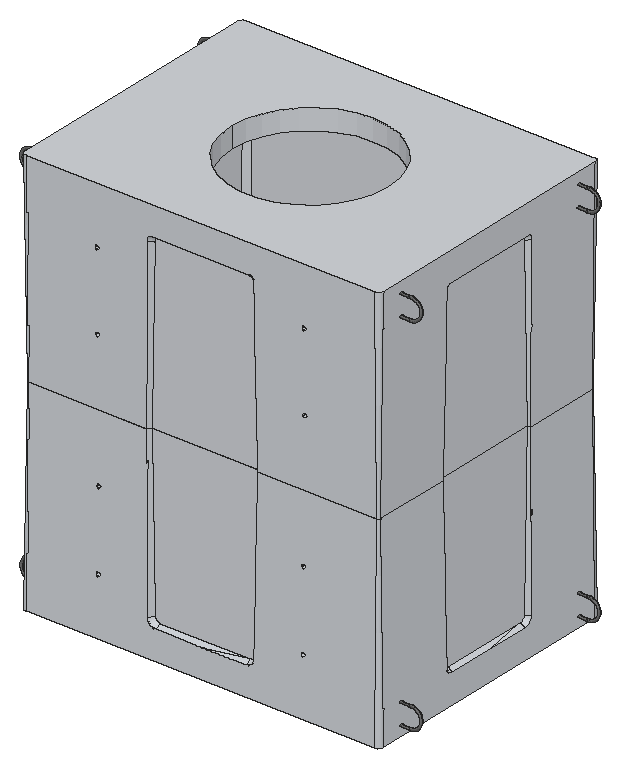
Revit family "110101-00069  Колодец ККСр-2,5-10(80) ГЕК-ССД", category Обобщенные модели, Revit 2019
Family settings
  Основа = Перекрытие
  Может служить основой для арматурных стержней = Нет
  Размер круглого соединителя = Использовать диаметр
  Тип детали = Нормальный
  Всегда вертикально = Да
  При загрузке вырезать с полостями = Нет
  Общий = Нет
  Точка расчета площади = Нет
Parameters (values of type "Колодец ККСр-2,5-10(80) ГЕК-ССД (В25)")
  ADSK_Ширина = 1050 mm
  ADSK_Ссылка на сайт = "https://www.ssd.ru/kolodets-kksr-2-5-10-80-gek-ssd-v22-5"
  ADSK_Сертификат соответствия = "https://www.ssd.ru/upload/iblock/ec0/sert_b25_0221.pdf"
  ADSK_Наименование = "Колодец ККСр-2,5-10(80)"
  ADSK_Масса = "1719"
  ADSK_Марка = "ГЕК-ССД"
  ADSK_Код изделия = "110101-00069"
  ADSK_Класс бетона = "В25"
  ADSK_Изготовитель = "АО \"СВЯЗЬСТРОЙДЕТАЛЬ\""
  ADSK_Длина = 1370 mm
  ADSK_Высота = 1560 mm
Reference planes
  plane 1 "По центру (Вперед/Назад)": y = 0
  plane 2: z = 0
  plane 3 "По центру (Влево/Вправо)": x = 0
Dimensions and locks
  "ADSK_Длина": nested 2 to nested 2
  "ADSK_Ширина": nested 2 to nested 2
  "ADSK_Высота": nested 2 to level
  aligned and locked: level to plane 2
Nested families
  nested 1: "110101-00069  Колодец ККСр-2,5-10(80) ГЕК-ССД низ" at (0, 0, 0), type "110101-00069  Колодец ККСр-2,5-10(80) ГЕК-ССД низ"
  nested 2: "110101-00069  Колодец ККСр-2,5-10(80) ГЕК-ССД верх" at (0, 0, 754.872), type "110101-00069  Колодец ККСр-2,5-10(80) ГЕК-ССД верх"
Definition of nested family "110101-00069  Колодец ККСр-2,5-10(80) ГЕК-ССД низ"
  Parameters
    ADSK_Ширина = 1050 mm
    ADSK_Длина = 1370 mm
    ADSK_Высота = 780 mm
    2 = 40 mm
    1 = 80 mm
  Reference planes
    plane 1 "По центру (Вперед/Назад)": y = 0
    plane 2: z = 0
    plane 3 "По центру (Влево/Вправо)": x = 0
    plane 4: x = -685
    plane 5: x = 685
    plane 6: y = 525
    plane 7: y = -525
    plane 8: z = 780
    plane 9: z = 80
    plane 10: z = 120
    plane 11: z = 40
  Forms (mm)
    Blend 1, solid
      base sketch origin (0, 0, 0) x (1, 0, 0) y (0, 1, 0)
        loop
          arc (-665, 515) -> (-672.071, 512.071) -> (-675, 505) r 10
          line (-675, 505) -> (-675, -505)
          arc (-675, -505) -> (-672.071, -512.071) -> (-665, -515) r 10
          line (-665, -515) -> (665, -515)
          arc (665, -515) -> (672.071, -512.071) -> (675, -505) r 10
          line (675, -505) -> (675, 505)
          arc (675, 505) -> (672.071, 512.071) -> (665, 515) r 10
          line (665, 515) -> (-665, 515)
      top sketch origin (0, 0, 0) x (1, 0, 0) y (0, 1, 0)
        loop
          arc (-665, 525) -> (-679.142, 519.142) -> (-685, 505) r 20
          line (-685, 505) -> (-685, -505)
          arc (-685, -505) -> (-679.142, -519.142) -> (-665, -525) r 20
          line (-665, -525) -> (665, -525)
          arc (665, -525) -> (679.142, -519.142) -> (685, -505) r 20
          line (685, -505) -> (685, 505)
          arc (685, 505) -> (679.142, 519.142) -> (665, 525) r 20
          line (665, 525) -> (-665, 525)
      from 780 to 0
    Blend 2, void
      base sketch origin (0, 0, 0) x (1, 0, 0) y (0, 1, 0)
        loop
          line (-575, 435) -> (-595, 415) -> (-595, -415) -> (-575, -435) -> (575, -435) -> (595, -415) -> (595, 415) -> (575, 435) -> (-575, 435)
      top sketch origin (0, 0, 0) x (1, 0, 0) y (0, 1, 0)
        loop
          line (-585, 445) -> (-605, 425) -> (-605, -425) -> (-585, -445) -> (585, -445) -> (605, -425) -> (605, 425) -> (585, 445) -> (-585, 445)
      from 120 to 780
    Blend 3, void
      base sketch origin (0, 0, 0) x (1, 0, 0) y (0, 1, 0)
        loop
          line (-535, 395) -> (-555, 375) -> (-555, -375) -> (-535, -395) -> (535, -395) -> (555, -375) -> (555, 375) -> (535, 395) -> (-535, 395)
      top sketch origin (0, 0, 0) x (1, 0, 0) y (0, 1, 0)
        loop
          line (-595, 415) -> (-595, -415) -> (-575, -435) -> (575, -435) -> (595, -415) -> (595, 415) -> (575, 435) -> (-575, 435) -> (-595, 415)
      from 80 to 120
    Blend 4, void
      base sketch origin (0, 0, 0) x (1, 0, 0) y (0, 1, 0)
        loop
          line (-100, 75) -> (-100, -75) -> (100, -75) -> (100, 75) -> (-100, 75)
      top sketch origin (0, 0, 0) x (1, 0, 0) y (0, 1, 0)
        loop
          line (-140, 115) -> (-140, -115) -> (140, -115) -> (140, 115) -> (-140, 115)
      from 40 to 80
    Blend 5, void, detail levels medium+fine
      base sketch origin (0, 0, 0) x (0, 1, 0) y (0, 0, 1)
        loop
          line (205, 780) -> (-205, 780) -> (-193.476, 139.64)
          arc (-193.476, 139.64) -> (-187.494, 125.731) -> (-173.48, 120) r 20
          line (-173.48, 120) -> (173.48, 120)
          arc (173.48, 120) -> (187.494, 125.731) -> (193.476, 139.64) r 20
          line (193.476, 139.64) -> (205, 780)
      top sketch origin (0, 0, 0) x (0, 1, 0) y (0, 0, 1)
        loop
          line (215.533, 780) -> (-215.533, 780) -> (-204.021, 139.997)
          arc (-204.021, 139.997) -> (-194.884, 118.753) -> (-173.48, 110) r 30.546
          line (-173.48, 110) -> (0, 110) -> (173.48, 110)
          arc (173.48, 110) -> (194.884, 118.753) -> (204.021, 139.997) r 30.546
          line (204.021, 139.997) -> (215.533, 780)
      from 662.71 to 684.41
    Blend 6, void, detail levels medium+fine
      base sketch origin (0, 0, 0) x (0, 1, 0) y (0, 0, -1)
        loop
          line (205, -780) -> (193.476, -139.64)
          arc (193.476, -139.64) -> (187.494, -125.731) -> (173.48, -120) r 20
          line (173.48, -120) -> (-173.48, -120)
          arc (-173.48, -120) -> (-187.494, -125.731) -> (-193.476, -139.64) r 20
          line (-193.476, -139.64) -> (-205, -780) -> (205, -780)
      top sketch origin (0, 0, 0) x (0, 1, 0) y (0, 0, -1)
        loop
          line (215.533, -780) -> (204.021, -139.997)
          arc (204.021, -139.997) -> (194.884, -118.753) -> (173.48, -110) r 30.546
          line (173.48, -110) -> (0, -110) -> (-173.48, -110)
          arc (-173.48, -110) -> (-194.884, -118.753) -> (-204.021, -139.997) r 30.546
          line (-204.021, -139.997) -> (-215.533, -780) -> (215.533, -780)
      from 662.71 to 684.41
    Blend 7, void, detail levels medium+fine
      base sketch origin (0, -161.662, 0) x (1, 0, 0) y (0, 0, -1)
        loop
          line (205, -780) -> (193.476, -139.64)
          arc (193.476, -139.64) -> (187.494, -125.731) -> (173.48, -120) r 20
          line (173.48, -120) -> (-173.48, -120)
          arc (-173.48, -120) -> (-187.494, -125.731) -> (-193.476, -139.64) r 20
          line (-193.476, -139.64) -> (-205, -780) -> (205, -780)
      top sketch origin (0, -161.662, 0) x (1, 0, 0) y (0, 0, -1)
        loop
          line (215.533, -780) -> (204.021, -139.997)
          arc (204.021, -139.997) -> (194.884, -118.753) -> (173.48, -110) r 30.546
          line (173.48, -110) -> (0, -110) -> (-173.48, -110)
          arc (-173.48, -110) -> (-194.884, -118.753) -> (-204.021, -139.997) r 30.546
          line (-204.021, -139.997) -> (-215.533, -780) -> (215.533, -780)
      from 662.71 to 685.88
    Blend 8, void, detail levels medium+fine
      base sketch origin (0, 161.662, 0) x (1, 0, 0) y (0, 0, 1)
        loop
          line (205, 780) -> (-205, 780) -> (-193.476, 139.64)
          arc (-193.476, 139.64) -> (-187.494, 125.731) -> (-173.48, 120) r 20
          line (-173.48, 120) -> (173.48, 120)
          arc (173.48, 120) -> (187.494, 125.731) -> (193.476, 139.64) r 20
          line (193.476, 139.64) -> (205, 780)
      top sketch origin (0, 161.662, 0) x (1, 0, 0) y (0, 0, 1)
        loop
          line (215.533, 780) -> (-215.533, 780) -> (-204.021, 139.997)
          arc (-204.021, 139.997) -> (-194.884, 118.753) -> (-173.48, 110) r 30.546
          line (-173.48, 110) -> (0, 110) -> (173.48, 110)
          arc (173.48, 110) -> (194.884, 118.753) -> (204.021, 139.997) r 30.546
          line (204.021, 139.997) -> (215.533, 780)
      from 662.71 to 685.88
    Sweep 9, solid, detail levels fine
      path origin (0, 0, 0) x (1, 0, 0) y (0, 0, 1)
        loop
          line (683.462, 40) -> (725, 40)
          arc (725, 40) -> (765, 80) -> (725, 120) r 40
          line (725, 120) -> (683.462, 120)
      profile origin (704.231, 0, 40) x (0, 0, 1) y (0, -1, 0)
        loop
          circle (0, 425) r 4.029
    Sweep 10, solid, detail levels fine
      path origin (0, 0, 0) x (-1, 0, 0) y (0, 0, 1)
        loop
          line (683.462, 40) -> (725, 40)
          arc (725, 40) -> (765, 80) -> (725, 120) r 40
          line (725, 120) -> (683.462, 120)
      profile origin (-704.231, 0, 40) x (0, 0, -1) y (0, -1, 0)
        loop
          circle (0, 425) r 4.029
    Sweep 11, solid, detail levels fine
      path origin (0, 0, 0) x (-1, 0, 0) y (0, 0, 1)
        loop
          line (683.462, 40) -> (725, 40)
          arc (725, 40) -> (765, 80) -> (725, 120) r 40
          line (725, 120) -> (683.462, 120)
      profile origin (-704.231, 0, 40) x (0, 0, 1) y (0, 1, 0)
        loop
          circle (0, 425) r 4.029
    Sweep 12, solid, detail levels fine
      path origin (0, 0, 0) x (1, 0, 0) y (0, 0, -1)
        loop
          line (683.462, -40) -> (725, -40)
          arc (725, -40) -> (765, -80) -> (725, -120) r 40
          line (725, -120) -> (683.462, -120)
      profile origin (704.231, 0, 40) x (0, 0, -1) y (0, 1, 0)
        loop
          circle (0, 425) r 4.029
    Extrusion 13, void
      sketch origin (-237.435, 0, -142.568) x (1, 0, 0) y (0, 0, 1)
        loop
          circle (629.035, 363.568) r 4
      from 436.967 to 487.417
    Extrusion 14, void
      sketch origin (-237.435, 0, -142.568) x (1, 0, 0) y (0, 0, 1)
        loop
          circle (629.035, 363.568) r 8
      from 525 to 487.417
    Extrusion 15, void
      sketch origin (-237.435, 0, 157.432) x (1, 0, 0) y (0, 0, 1)
        loop
          circle (629.035, 363.568) r 4
      from 436.967 to 487.417
    Extrusion 16, void, detail levels medium+fine
      sketch origin (-237.435, 0, 157.432) x (1, 0, 0) y (0, 0, 1)
        loop
          circle (629.035, 363.568) r 8
      from 525 to 487.417
    Extrusion 17, void
      sketch origin (237.435, 0, -142.568) x (-1, 0, 0) y (0, 0, -1)
        loop
          circle (629.035, -363.568) r 4
      from 436.967 to 487.417
    Extrusion 18, void
      sketch origin (237.435, 0, -142.568) x (-1, 0, 0) y (0, 0, -1)
        loop
          circle (629.035, -363.568) r 8
      from 525 to 487.417
    Extrusion 19, void
      sketch origin (237.435, 0, 157.432) x (-1, 0, 0) y (0, 0, -1)
        loop
          circle (629.035, -363.568) r 4
      from 436.967 to 487.417
    Extrusion 20, void, detail levels medium+fine
      sketch origin (237.435, 0, 157.432) x (-1, 0, 0) y (0, 0, -1)
        loop
          circle (629.035, -363.568) r 8
      from 525 to 487.417
    Extrusion 21, void
      sketch origin (237.435, 0, -142.568) x (-1, 0, 0) y (0, 0, 1)
        loop
          circle (629.035, 363.568) r 4
      from 436.967 to 487.417
    Extrusion 22, void
      sketch origin (237.435, 0, -142.568) x (-1, 0, 0) y (0, 0, 1)
        loop
          circle (629.035, 363.568) r 8
      from 525 to 487.417
    Extrusion 23, void
      sketch origin (237.435, 0, 157.432) x (-1, 0, 0) y (0, 0, 1)
        loop
          circle (629.035, 363.568) r 4
      from 436.967 to 487.417
    Extrusion 24, void, detail levels medium+fine
      sketch origin (237.435, 0, 157.432) x (-1, 0, 0) y (0, 0, 1)
        loop
          circle (629.035, 363.568) r 8
      from 525 to 487.417
    Extrusion 25, void
      sketch origin (-237.435, 0, -142.568) x (1, 0, 0) y (0, 0, -1)
        loop
          circle (629.035, -363.568) r 4
      from 436.967 to 487.417
    Extrusion 26, void
      sketch origin (-237.435, 0, -142.568) x (1, 0, 0) y (0, 0, -1)
        loop
          circle (629.035, -363.568) r 8
      from 525 to 487.417
    Extrusion 27, void
      sketch origin (-237.435, 0, 157.432) x (1, 0, 0) y (0, 0, -1)
        loop
          circle (629.035, -363.568) r 4
      from 436.967 to 487.417
    Extrusion 28, void, detail levels medium+fine
      sketch origin (-237.435, 0, 157.432) x (1, 0, 0) y (0, 0, -1)
        loop
          circle (629.035, -363.568) r 8
      from 525 to 487.417
  Cuts and joins
    Blend 2, Blend 3, Blend 4, Blend 5, Blend 6, Blend 7, Blend 8, Extrusion 13, Extrusion 14, Extrusion 15, Extrusion 16, Extrusion 17, Extrusion 18, Extrusion 19, Extrusion 20, Extrusion 21, Extrusion 22, Extrusion 23, Extrusion 24, Extrusion 25, Extrusion 26, Extrusion 27, Extrusion 28 cuts Blend 1
  Lines and regions (mm)
    reference lines
      curve 1: line (685, -525, 0) -> (685, -425, 0)
      curve 2: line (0, 193.476, 139.64) -> (0, 193.476, 89.64)
      curve 3: line (0, 203.436, 139.977) -> (0, 203.436, 89.64)
  Dimensions and locks
    "ADSK_Длина": plane 4 to plane 5
    equal spacing: plane 4, plane 3 "По центру (Влево/Вправо)", plane 5
    "ADSK_Ширина": plane 6 to plane 7
    equal spacing: plane 6, plane 1 "По центру (Вперед/Назад)", plane 7
    "ADSK_Высота": level to plane 8
    "1": level to plane 9
    "2": plane 9 to plane 10
    aligned and locked: level to plane 2
    aligned and locked: plane 4 to Blend 1 sketch curve
    aligned and locked: plane 7 to Blend 1 sketch curve
    aligned and locked: Blend 1 sketch curve to plane 5
    aligned and locked: Blend 2 to plane 10
    aligned and locked: plane 10 to Blend 3
    aligned and locked: plane 9 to Blend 4
    aligned and locked: Blend 4 to plane 11
    aligned and locked: plane 8 to Blend 1
    aligned and locked: Blend 1 to level
  Automatic sketch dimensions
    plane 4 to Blend 1 sketch curve = 10 mm
    plane 7 to Blend 1 sketch curve = 10 mm
    Blend 1 sketch curve to Blend 1 sketch curve = 10 mm  (x3)
    Blend 1 sketch curve to plane 5 = 20 mm  (x4)
    Blend 1 sketch curve to plane 6 = 20 mm
    Blend 1 sketch curve to plane 6 = 0 mm
    plane 4 to Blend 1 sketch curve = 20 mm  (x2)
    Blend 1 sketch curve to Blend 1 sketch curve = 0 mm
    Blend 1 sketch curve to Blend 1 sketch curve = 20 mm
    plane 4 to Blend 2 sketch curve = 90 mm
    Blend 2 sketch curve to Blend 2 sketch curve = 20 mm  (x12)
    Blend 2 sketch curve to plane 5 = 110 mm  (x2)
    plane 7 to Blend 2 sketch curve = 90 mm
    Blend 2 sketch curve to plane 6 = 110 mm  (x2)
    plane 4 to Blend 2 sketch curve = 80 mm
    Blend 2 sketch curve to plane 5 = 100 mm  (x2)
    plane 7 to Blend 2 sketch curve = 80 mm
    Blend 2 sketch curve to plane 6 = 100 mm  (x2)
    plane 4 to Blend 3 sketch curve = 130 mm
    Blend 3 sketch curve to Blend 3 sketch curve = 20 mm  (x12)
    Blend 3 sketch curve to plane 5 = 150 mm  (x2)
    plane 7 to Blend 3 sketch curve = 130 mm
    Blend 3 sketch curve to plane 6 = 150 mm  (x2)
    plane 4 to Blend 3 sketch curve = 90 mm
    Blend 3 sketch curve to plane 5 = 110 mm  (x2)
    plane 7 to Blend 3 sketch curve = 90 mm
    Blend 3 sketch curve to plane 6 = 110 mm  (x2)
    Blend 4 sketch curve to plane 3 "По центру (Влево/Вправо)" = 100 mm
    plane 3 "По центру (Влево/Вправо)" to Blend 4 sketch curve = 100 mm
    plane 1 "По центру (Вперед/Назад)" to Blend 4 sketch curve = 75 mm
    Blend 4 sketch curve to plane 1 "По центру (Вперед/Назад)" = 75 mm
    Blend 4 sketch curve to plane 3 "По центру (Влево/Вправо)" = 140 mm
    plane 3 "По центру (Влево/Вправо)" to Blend 4 sketch curve = 140 mm
    plane 1 "По центру (Вперед/Назад)" to Blend 4 sketch curve = 115 mm
    Blend 4 sketch curve to plane 1 "По центру (Вперед/Назад)" = 115 mm
    Blend 5 sketch curve to plane 8 = 0 mm  (x2)
    Blend 5 sketch curve to plane 10 = 0 mm
    plane 1 "По центру (Вперед/Назад)" to Blend 5 sketch curve = 205 mm
    plane 10 to Blend 5 sketch curve = 19.64 mm  (x2)
    plane 1 "По центру (Вперед/Назад)" to Blend 5 sketch curve = 193.476 mm
    plane 10 to Blend 5 sketch curve = 20 mm
    Blend 5 sketch curve to plane 1 "По центру (Вперед/Назад)" = 173.48 mm  (x2)
    Blend 5 sketch curve to plane 1 "По центру (Вперед/Назад)" = 205 mm
    Blend 5 sketch curve to plane 1 "По центру (Вперед/Назад)" = 0 mm
    plane 10 to Blend 5 sketch curve = 20.546 mm
    plane 1 "По центру (Вперед/Назад)" to Blend 5 sketch curve = 173.48 mm
    plane 10 to Blend 5 sketch curve = 19.997 mm  (x2)
    Blend 5 sketch curve to Blend 5 sketch curve = 30.542 mm  (x2)
    Blend 5 sketch curve to plane 1 "По центру (Вперед/Назад)" = 215.533 mm
    curve 1 to plane 5 = 0 mm
    curve 1 to plane 7 = 0 mm
    plane 7 to curve 1 = 100 mm
    Blend 6 sketch curve to plane 8 = 0 mm  (x2)
    Blend 6 sketch curve to plane 10 = 0 mm
    plane 1 "По центру (Вперед/Назад)" to Blend 6 sketch curve = 205 mm
    plane 10 to Blend 6 sketch curve = 19.64 mm  (x2)
    plane 1 "По центру (Вперед/Назад)" to Blend 6 sketch curve = 193.476 mm
    plane 10 to Blend 6 sketch curve = 20 mm
    Blend 6 sketch curve to plane 1 "По центру (Вперед/Назад)" = 173.48 mm  (x2)
    Blend 6 sketch curve to plane 1 "По центру (Вперед/Назад)" = 205 mm
    Blend 6 sketch curve to plane 1 "По центру (Вперед/Назад)" = 0 mm
    plane 10 to Blend 6 sketch curve = 20.546 mm
    plane 1 "По центру (Вперед/Назад)" to Blend 6 sketch curve = 173.48 mm
    plane 10 to Blend 6 sketch curve = 19.997 mm  (x2)
    Blend 6 sketch curve to Blend 6 sketch curve = 30.542 mm  (x2)
    Blend 6 sketch curve to plane 1 "По центру (Вперед/Назад)" = 215.533 mm
    Blend 7 sketch curve to plane 8 = 0 mm  (x2)
    Blend 7 sketch curve to plane 10 = 0 mm
    Blend 7 sketch curve to plane 3 "По центру (Влево/Вправо)" = 205 mm
    plane 10 to Blend 7 sketch curve = 19.64 mm  (x2)
    Blend 7 sketch curve to plane 3 "По центру (Влево/Вправо)" = 193.476 mm
    plane 10 to Blend 7 sketch curve = 20 mm
    plane 3 "По центру (Влево/Вправо)" to Blend 7 sketch curve = 173.48 mm  (x2)
    plane 3 "По центру (Влево/Вправо)" to Blend 7 sketch curve = 205 mm
    Blend 7 sketch curve to plane 3 "По центру (Влево/Вправо)" = 0 mm
    plane 10 to Blend 7 sketch curve = 20.546 mm
    Blend 7 sketch curve to plane 3 "По центру (Влево/Вправо)" = 173.48 mm
    plane 10 to Blend 7 sketch curve = 19.997 mm  (x2)
    Blend 7 sketch curve to Blend 7 sketch curve = 30.542 mm  (x2)
    plane 3 "По центру (Влево/Вправо)" to Blend 7 sketch curve = 215.533 mm
    Blend 8 sketch curve to plane 8 = 0 mm  (x2)
    Blend 8 sketch curve to plane 10 = 0 mm
    Blend 8 sketch curve to plane 3 "По центру (Влево/Вправо)" = 205 mm
    plane 10 to Blend 8 sketch curve = 19.64 mm  (x2)
    Blend 8 sketch curve to plane 3 "По центру (Влево/Вправо)" = 193.476 mm
    plane 10 to Blend 8 sketch curve = 20 mm
    plane 3 "По центру (Влево/Вправо)" to Blend 8 sketch curve = 173.48 mm  (x2)
    plane 3 "По центру (Влево/Вправо)" to Blend 8 sketch curve = 205 mm
    Blend 8 sketch curve to plane 3 "По центру (Влево/Вправо)" = 0 mm
    plane 10 to Blend 8 sketch curve = 20.546 mm
    Blend 8 sketch curve to plane 3 "По центру (Влево/Вправо)" = 173.48 mm
    plane 10 to Blend 8 sketch curve = 19.997 mm  (x2)
    Blend 8 sketch curve to Blend 8 sketch curve = 30.542 mm  (x2)
    plane 3 "По центру (Влево/Вправо)" to Blend 8 sketch curve = 215.533 mm
    Sweep 9 sketch curve to plane 10 = 0 mm
    Sweep 9 sketch curve to plane 11 = 0 mm
    plane 5 to Sweep 9 sketch curve = 40 mm
    Sweep 9 sketch curve to plane 5 = 1.538 mm  (x2)
    profile plane to Sweep 9 sketch curve = 0 mm
    plane 1 "По центру (Вперед/Назад)" to Sweep 9 sketch curve = 425 mm
    Sweep 10 sketch curve to plane 10 = 0 mm
    Sweep 10 sketch curve to plane 11 = 0 mm
    plane 4 to Sweep 10 sketch curve = 40 mm
    Sweep 10 sketch curve to plane 4 = 1.538 mm  (x2)
    Sweep 10 sketch curve to profile plane = 0 mm
    plane 1 "По центру (Вперед/Назад)" to Sweep 10 sketch curve = 425 mm
    Sweep 11 sketch curve to plane 10 = 0 mm
    Sweep 11 sketch curve to plane 11 = 0 mm
    Sweep 11 sketch curve to plane 4 = 40 mm
    plane 4 to Sweep 11 sketch curve = 1.538 mm  (x2)
    profile plane to Sweep 11 sketch curve = 0 mm
    profile plane to Sweep 11 sketch curve = 425 mm
    Sweep 12 sketch curve to plane 10 = 0 mm
    Sweep 12 sketch curve to plane 11 = 0 mm
    plane 5 to Sweep 12 sketch curve = 40 mm
    Sweep 12 sketch curve to plane 5 = 1.538 mm  (x2)
    Sweep 12 sketch curve to profile plane = 0 mm
    profile plane to Sweep 12 sketch curve = 425 mm
    plane 9 to curve 2 = 9.64 mm
    curve 2 to plane 1 "По центру (Вперед/Назад)" = 193.476 mm
    curve 2 to curve 3 = 9.959 mm
    plane 9 to curve 3 = 9.64 mm
    plane 10 to curve 2 = 19.64 mm
    curve 2 to curve 3 = 0.337 mm
    plane 10 to Extrusion 13 sketch curve = 101 mm
    Extrusion 13 sketch curve to plane 5 = 293.4 mm
    plane 10 to Extrusion 14 sketch curve = 101 mm
    Extrusion 14 sketch curve to plane 5 = 293.4 mm
    Extrusion 15 sketch curve to plane 5 = 293.4 mm
    Extrusion 15 sketch curve to plane 8 = 259 mm
    Extrusion 16 sketch curve to plane 5 = 293.4 mm
    Extrusion 16 sketch curve to plane 8 = 259 mm
    Extrusion 17 sketch curve to plane 10 = 101 mm
    Extrusion 17 sketch curve to plane 4 = 293.4 mm
    Extrusion 18 sketch curve to plane 10 = 101 mm
    Extrusion 18 sketch curve to plane 4 = 293.4 mm
    Extrusion 19 sketch curve to plane 4 = 293.4 mm
    plane 8 to Extrusion 19 sketch curve = 259 mm
    Extrusion 20 sketch curve to plane 4 = 293.4 mm
    plane 8 to Extrusion 20 sketch curve = 259 mm
    plane 10 to Extrusion 21 sketch curve = 101 mm
    plane 4 to Extrusion 21 sketch curve = 293.4 mm
    plane 10 to Extrusion 22 sketch curve = 101 mm
    plane 4 to Extrusion 22 sketch curve = 293.4 mm
    plane 4 to Extrusion 23 sketch curve = 293.4 mm
    Extrusion 23 sketch curve to plane 8 = 259 mm
    plane 4 to Extrusion 24 sketch curve = 293.4 mm
    Extrusion 24 sketch curve to plane 8 = 259 mm
    plane 10 to Extrusion 25 sketch curve = 101 mm
    Extrusion 25 sketch curve to plane 5 = 293.4 mm
    plane 10 to Extrusion 26 sketch curve = 101 mm
    Extrusion 26 sketch curve to plane 5 = 293.4 mm
    Extrusion 27 sketch curve to plane 5 = 293.4 mm
    Extrusion 27 sketch curve to plane 8 = 259 mm
    Extrusion 28 sketch curve to plane 5 = 293.4 mm
    Extrusion 28 sketch curve to plane 8 = 259 mm
    radius of Sweep 9 sketch curve = 4.029 mm
    radius of Sweep 10 sketch curve = 4.029 mm
    radius of Sweep 11 sketch curve = 4.029 mm
    radius of Sweep 12 sketch curve = 4.029 mm
    radius of Extrusion 13 sketch curve = 4 mm
    radius of Extrusion 14 sketch curve = 8 mm
    radius of Extrusion 15 sketch curve = 4 mm
    radius of Extrusion 16 sketch curve = 8 mm
    radius of Extrusion 17 sketch curve = 4 mm
    radius of Extrusion 18 sketch curve = 8 mm
    radius of Extrusion 19 sketch curve = 4 mm
    radius of Extrusion 20 sketch curve = 8 mm
    radius of Extrusion 21 sketch curve = 4 mm
    radius of Extrusion 22 sketch curve = 8 mm
    radius of Extrusion 23 sketch curve = 4 mm
    radius of Extrusion 24 sketch curve = 8 mm
    radius of Extrusion 25 sketch curve = 4 mm
    radius of Extrusion 26 sketch curve = 8 mm
    radius of Extrusion 27 sketch curve = 4 mm
    radius of Extrusion 28 sketch curve = 8 mm
Definition of nested family "110101-00069  Колодец ККСр-2,5-10(80) ГЕК-ССД верх"
  Parameters
    5 = 40 mm
    4 = 80 mm
    3 = 780 mm
    2 = 1370 mm
    1 = 1050 mm
  Reference planes
    plane 1 "По центру (Вперед/Назад)": y = 0
    plane 2: z = 25.128
    plane 3 "По центру (Влево/Вправо)": x = 0
    plane 4: x = -685
    plane 5: x = 685
    plane 6: y = 525
    plane 7: y = -525
    plane 8: z = 725.128
    plane 9: z = 685.128
    plane 10: z = 805.128
  Forms (mm)
    Blend 1, solid
      base sketch origin (0, 0, 25.128) x (1, 0, 0) y (0, 1, 0)
        loop
          arc (-665, 515) -> (-672.071, 512.071) -> (-675, 505) r 10
          line (-675, 505) -> (-675, -505)
          arc (-675, -505) -> (-672.071, -512.071) -> (-665, -515) r 10
          line (-665, -515) -> (665, -515)
          arc (665, -515) -> (672.071, -512.071) -> (675, -505) r 10
          line (675, -505) -> (675, 505)
          arc (675, 505) -> (672.071, 512.071) -> (665, 515) r 10
          line (665, 515) -> (-665, 515)
      top sketch origin (0, 0, 25.128) x (1, 0, 0) y (0, 1, 0)
        loop
          arc (-665, 525) -> (-679.142, 519.142) -> (-685, 505) r 20
          line (-685, 505) -> (-685, -505)
          arc (-685, -505) -> (-679.142, -519.142) -> (-665, -525) r 20
          line (-665, -525) -> (665, -525)
          arc (665, -525) -> (679.142, -519.142) -> (685, -505) r 20
          line (685, -505) -> (685, 505)
          arc (685, 505) -> (679.142, 519.142) -> (665, 525) r 20
          line (665, 525) -> (-665, 525)
      from 0 to 780
    Blend 2, void
      base sketch origin (0, 0, 25.128) x (1, 0, 0) y (0, 1, 0)
        loop
          line (-575, 435) -> (-595, 415) -> (-595, -415) -> (-575, -435) -> (575, -435) -> (595, -415) -> (595, 415) -> (575, 435) -> (-575, 435)
      top sketch origin (0, 0, 25.128) x (1, 0, 0) y (0, 1, 0)
        loop
          line (-585, 445) -> (-605, 425) -> (-605, -425) -> (-585, -445) -> (585, -445) -> (605, -425) -> (605, 425) -> (585, 445) -> (-585, 445)
      from 660 to 0
    Blend 3, void
      base sketch origin (0, 0, 25.128) x (1, 0, 0) y (0, 1, 0)
        loop
          line (-535, 395) -> (-555, 375) -> (-555, -375) -> (-535, -395) -> (535, -395) -> (555, -375) -> (555, 375) -> (535, 395) -> (-535, 395)
      top sketch origin (0, 0, 25.128) x (1, 0, 0) y (0, 1, 0)
        loop
          line (-595, -415) -> (-575, -435) -> (575, -435) -> (595, -415) -> (595, 415) -> (575, 435) -> (-575, 435) -> (-595, 415) -> (-595, -415)
      from 700 to 660
    Extrusion 4, void
      sketch origin (0, 0, 25.128) x (1, 0, 0) y (0, 1, 0)
        loop
          circle (0, 0) r 300
      from 700 to 780
    Sweep 5, solid, detail levels fine
      path origin (0, 0, 0) x (1, 0, 0) y (0, 0, 1)
        loop
          line (682.965, 765.128) -> (725, 765.128)
          arc (725, 765.128) -> (765, 725.128) -> (725, 685.128) r 40
          line (725, 685.128) -> (682.965, 685.128)
      profile origin (703.983, 0, 765.128) x (0, 0, 1) y (0, -1, 0)
        loop
          circle (0, -425) r 4
    Sweep 6, solid, detail levels fine
      path origin (0, 0, 0) x (-1, 0, 0) y (0, 0, 1)
        loop
          line (682.965, 765.128) -> (725, 765.128)
          arc (725, 765.128) -> (765, 725.128) -> (725, 685.128) r 40
          line (725, 685.128) -> (682.965, 685.128)
      profile origin (-703.983, 0, 765.128) x (0, 0, -1) y (0, -1, 0)
        loop
          circle (0, -425) r 4
    Sweep 7, solid, detail levels fine
      path origin (0, 0, 0) x (-1, 0, 0) y (0, 0, 1)
        loop
          line (682.965, 765.128) -> (725, 765.128)
          arc (725, 765.128) -> (765, 725.128) -> (725, 685.128) r 40
          line (725, 685.128) -> (682.965, 685.128)
      profile origin (-703.983, 0, 765.128) x (0, 0, 1) y (0, 1, 0)
        loop
          circle (0, -425) r 4
    Sweep 8, solid, detail levels fine
      path origin (0, 0, 0) x (1, 0, 0) y (0, 0, -1)
        loop
          line (682.965, -765.128) -> (725, -765.128)
          arc (725, -765.128) -> (765, -725.128) -> (725, -685.128) r 40
          line (725, -685.128) -> (682.965, -685.128)
      profile origin (703.983, 0, 765.128) x (0, 0, -1) y (0, 1, 0)
        loop
          circle (0, -425) r 4
    Blend 9, void
      base sketch origin (0, 0, 0) x (0, 1, 0) y (0, 0, 1)
        loop
          line (205, 25.128) -> (193.493, 665.292)
          arc (193.493, 665.292) -> (187.641, 679.418) -> (173.515, 685.27) r 19.978
          line (173.515, 685.27) -> (-173.546, 685.27)
          arc (-173.546, 685.27) -> (-187.604, 679.447) -> (-193.427, 665.389) r 19.88
          line (-193.427, 665.389) -> (-205, 25.128) -> (205, 25.128)
      top sketch origin (0, 0, 0) x (0, 1, 0) y (0, 0, 1)
        loop
          arc (203.846, 675.3) -> (197.764, 689.442) -> (183.515, 695.27) r 20.334
          line (183.515, 695.27) -> (-183.515, 695.27)
          arc (-183.515, 695.27) -> (-197.764, 689.442) -> (-203.846, 675.3) r 20.334
          line (-203.846, 675.3) -> (-215.531, 25.128) -> (215.531, 25.128) -> (203.846, 675.3)
      from 662.943 to 685
    Blend 10, void
      base sketch origin (0, 0, 0) x (0, 1, 0) y (0, 0, -1)
        loop
          line (205, -25.128) -> (-205, -25.128) -> (-193.427, -665.389)
          arc (-193.427, -665.389) -> (-187.604, -679.447) -> (-173.546, -685.27) r 19.88
          line (-173.546, -685.27) -> (173.515, -685.27)
          arc (173.515, -685.27) -> (187.641, -679.418) -> (193.493, -665.292) r 19.978
          line (193.493, -665.292) -> (205, -25.128)
      top sketch origin (0, 0, 0) x (0, 1, 0) y (0, 0, -1)
        loop
          line (203.846, -675.3) -> (215.531, -25.128) -> (-215.531, -25.128) -> (-203.846, -675.3)
          arc (-203.846, -675.3) -> (-197.764, -689.442) -> (-183.515, -695.27) r 20.334
          line (-183.515, -695.27) -> (183.515, -695.27)
          arc (183.515, -695.27) -> (197.764, -689.442) -> (203.846, -675.3) r 20.334
      from 662.943 to 685
    Blend 11, void
      base sketch origin (0, -161.181, 0) x (1, 0, 0) y (0, 0, -1)
        loop
          line (205, -25.128) -> (-205, -25.128) -> (-193.427, -665.389)
          arc (-193.427, -665.389) -> (-187.604, -679.447) -> (-173.546, -685.27) r 19.88
          line (-173.546, -685.27) -> (173.515, -685.27)
          arc (173.515, -685.27) -> (187.641, -679.418) -> (193.493, -665.292) r 19.978
          line (193.493, -665.292) -> (205, -25.128)
      top sketch origin (0, -161.181, 0) x (1, 0, 0) y (0, 0, -1)
        loop
          line (203.846, -675.3) -> (215.531, -25.128) -> (-215.531, -25.128) -> (-203.846, -675.3)
          arc (-203.846, -675.3) -> (-197.764, -689.442) -> (-183.515, -695.27) r 20.334
          line (-183.515, -695.27) -> (183.515, -695.27)
          arc (183.515, -695.27) -> (197.764, -689.442) -> (203.846, -675.3) r 20.334
      from 662.943 to 685
    Blend 12, void
      base sketch origin (0, 161.181, 0) x (1, 0, 0) y (0, 0, 1)
        loop
          line (205, 25.128) -> (193.493, 665.292)
          arc (193.493, 665.292) -> (187.641, 679.418) -> (173.515, 685.27) r 19.978
          line (173.515, 685.27) -> (-173.546, 685.27)
          arc (-173.546, 685.27) -> (-187.604, 679.447) -> (-193.427, 665.389) r 19.88
          line (-193.427, 665.389) -> (-205, 25.128) -> (205, 25.128)
      top sketch origin (0, 161.181, 0) x (1, 0, 0) y (0, 0, 1)
        loop
          arc (203.846, 675.3) -> (197.764, 689.442) -> (183.515, 695.27) r 20.334
          line (183.515, 695.27) -> (-183.515, 695.27)
          arc (-183.515, 695.27) -> (-197.764, 689.442) -> (-203.846, 675.3) r 20.334
          line (-203.846, 675.3) -> (-215.531, 25.128) -> (215.531, 25.128) -> (203.846, 675.3)
      from 662.943 to 685
    Extrusion 13, void
      sketch origin (-240, 608.117, -198.989) x (1, 0, 0) y (0, 0, 1)
        loop
          circle (635.56, 483.117) r 8
      from 1103.117 to 1133.117
    Extrusion 14, void
      sketch origin (-240, 0, 134) x (1, 0, 0) y (0, 0, 1)
        loop
          circle (635.56, 150.128) r 4
      from 440.245 to 495
    Extrusion 15, void
      sketch origin (-240, 608.117, 101.011) x (1, 0, 0) y (0, 0, 1)
        loop
          circle (635.56, 483.117) r 8
      from 1098.117 to 1133.117
    Extrusion 16, void
      sketch origin (-240, 0, 434) x (1, 0, 0) y (0, 0, 1)
        loop
          circle (635.56, 150.128) r 4
      from 436.146 to 495
    Extrusion 17, void
      sketch origin (240, 608.117, 101.011) x (-1, 0, 0) y (0, 0, -1)
        loop
          circle (635.56, -483.117) r 8
      from 1098.117 to 1133.117
    Extrusion 18, void
      sketch origin (240, 0, 434) x (-1, 0, 0) y (0, 0, -1)
        loop
          circle (635.56, -150.128) r 4
      from 436.146 to 495
    Extrusion 19, void
      sketch origin (240, 608.117, -198.989) x (-1, 0, 0) y (0, 0, -1)
        loop
          circle (635.56, -483.117) r 8
      from 1103.117 to 1133.117
    Extrusion 20, void
      sketch origin (240, 0, 134) x (-1, 0, 0) y (0, 0, -1)
        loop
          circle (635.56, -150.128) r 4
      from 440.245 to 495
    Extrusion 21, void
      sketch origin (240, -608.117, 101.011) x (-1, 0, 0) y (0, 0, 1)
        loop
          circle (635.56, 483.117) r 8
      from 1098.117 to 1133.117
    Extrusion 22, void
      sketch origin (240, 0, 434) x (-1, 0, 0) y (0, 0, 1)
        loop
          circle (635.56, 150.128) r 4
      from 436.146 to 495
    Extrusion 23, void
      sketch origin (240, -608.117, -198.989) x (-1, 0, 0) y (0, 0, 1)
        loop
          circle (635.56, 483.117) r 8
      from 1103.117 to 1133.117
    Extrusion 24, void
      sketch origin (240, 0, 134) x (-1, 0, 0) y (0, 0, 1)
        loop
          circle (635.56, 150.128) r 4
      from 440.245 to 495
    Extrusion 25, void
      sketch origin (-240, 0, 434) x (1, 0, 0) y (0, 0, -1)
        loop
          circle (635.56, -150.128) r 4
      from 436.146 to 495
    Extrusion 26, void
      sketch origin (-240, -608.117, 101.011) x (1, 0, 0) y (0, 0, -1)
        loop
          circle (635.56, -483.117) r 8
      from 1098.117 to 1133.117
    Extrusion 27, void
      sketch origin (-240, -608.117, -198.989) x (1, 0, 0) y (0, 0, -1)
        loop
          circle (635.56, -483.117) r 8
      from 1103.117 to 1133.117
    Extrusion 28, void
      sketch origin (-240, 0, 134) x (1, 0, 0) y (0, 0, -1)
        loop
          circle (635.56, -150.128) r 4
      from 440.245 to 495
  Cuts and joins
    Blend 2, Blend 3, Extrusion 4, Blend 9, Blend 10, Blend 11, Blend 12, Extrusion 13, Extrusion 14, Extrusion 15, Extrusion 16, Extrusion 17, Extrusion 18, Extrusion 19, Extrusion 20, Extrusion 21, Extrusion 22, Extrusion 23, Extrusion 24, Extrusion 25, Extrusion 26, Extrusion 27, Extrusion 28 cuts Blend 1
  Dimensions and locks
    "2": plane 4 to plane 5
    equal spacing: plane 4, plane 3 "По центру (Влево/Вправо)", plane 5
    "1": plane 6 to plane 7
    equal spacing: plane 6, plane 1 "По центру (Вперед/Назад)", plane 7
    "3": plane 2 to plane 10
    "4": plane 8 to plane 10
    "5": plane 9 to plane 8
    aligned and locked: level to plane 2
    aligned and locked: Blend 1 sketch curve to plane 6
    aligned and locked: plane 4 to Blend 1 sketch curve
    aligned and locked: plane 7 to Blend 1 sketch curve
    aligned and locked: Blend 1 sketch curve to plane 5
    aligned and locked: plane 10 to Blend 1
    aligned and locked: Blend 1 to level
    aligned and locked: plane 9 to Blend 2
    aligned and locked: Blend 2 to level
  Automatic sketch dimensions
    plane 4 to Blend 1 sketch curve = 10 mm
    Blend 1 sketch curve to Blend 1 sketch curve = 10 mm  (x3)
    Blend 1 sketch curve to plane 5 = 20 mm  (x4)
    plane 7 to Blend 1 sketch curve = 10 mm
    Blend 1 sketch curve to plane 6 = 20 mm
    plane 4 to Blend 1 sketch curve = 20 mm  (x2)
    plane 4 to Blend 2 sketch curve = 90 mm
    Blend 2 sketch curve to Blend 2 sketch curve = 20 mm  (x12)
    Blend 2 sketch curve to plane 5 = 110 mm  (x2)
    plane 7 to Blend 2 sketch curve = 90 mm
    Blend 2 sketch curve to plane 6 = 110 mm  (x2)
    plane 4 to Blend 2 sketch curve = 80 mm
    Blend 2 sketch curve to plane 5 = 100 mm  (x2)
    plane 7 to Blend 2 sketch curve = 80 mm
    Blend 2 sketch curve to plane 6 = 100 mm  (x2)
    plane 4 to Blend 3 sketch curve = 130 mm
    Blend 3 sketch curve to Blend 3 sketch curve = 20 mm  (x12)
    Blend 3 sketch curve to plane 5 = 150 mm  (x2)
    plane 7 to Blend 3 sketch curve = 130 mm
    Blend 3 sketch curve to plane 6 = 150 mm  (x2)
    plane 4 to Blend 3 sketch curve = 90 mm
    Blend 3 sketch curve to plane 5 = 110 mm  (x2)
    plane 7 to Blend 3 sketch curve = 90 mm
    Blend 3 sketch curve to plane 6 = 110 mm  (x2)
    plane 1 "По центру (Вперед/Назад)" to Extrusion 4 sketch curve = 0 mm
    Extrusion 4 sketch curve to plane 3 "По центру (Влево/Вправо)" = 0 mm
    Sweep 5 sketch curve to plane 9 = 0 mm
    Sweep 5 sketch curve to plane 8 = 0 mm
    plane 5 to Sweep 5 sketch curve = 40 mm
    Sweep 5 sketch curve to plane 5 = 2.035 mm  (x2)
    profile plane to Sweep 5 sketch curve = 0 mm
    Sweep 5 sketch curve to plane 1 "По центру (Вперед/Назад)" = 425 mm
    Sweep 6 sketch curve to plane 9 = 0 mm
    Sweep 6 sketch curve to plane 8 = 0 mm
    plane 4 to Sweep 6 sketch curve = 40 mm
    Sweep 6 sketch curve to plane 4 = 2.035 mm  (x2)
    Sweep 6 sketch curve to profile plane = 0 mm
    Sweep 6 sketch curve to plane 1 "По центру (Вперед/Назад)" = 425 mm
    Sweep 7 sketch curve to plane 9 = 0 mm
    Sweep 7 sketch curve to plane 8 = 0 mm
    Sweep 7 sketch curve to plane 4 = 40 mm
    plane 4 to Sweep 7 sketch curve = 2.035 mm  (x2)
    profile plane to Sweep 7 sketch curve = 0 mm
    Sweep 7 sketch curve to profile plane = 425 mm
    Sweep 8 sketch curve to plane 9 = 0 mm
    Sweep 8 sketch curve to plane 8 = 0 mm
    plane 5 to Sweep 8 sketch curve = 40 mm
    Sweep 8 sketch curve to plane 5 = 2.035 mm  (x2)
    Sweep 8 sketch curve to profile plane = 0 mm
    Sweep 8 sketch curve to profile plane = 425 mm
    Blend 9 sketch curve to level = 0 mm  (x2)
    plane 1 "По центру (Вперед/Назад)" to Blend 9 sketch curve = 205 mm
    Blend 9 sketch curve to plane 9 = 19.738 mm
    plane 1 "По центру (Вперед/Назад)" to Blend 9 sketch curve = 193.427 mm
    Blend 9 sketch curve to Blend 9 sketch curve = 19.88 mm
    plane 9 to Blend 9 sketch curve = 0.142 mm
    Blend 9 sketch curve to plane 1 "По центру (Вперед/Назад)" = 173.515 mm
    Blend 9 sketch curve to plane 9 = 19.836 mm
    Blend 9 sketch curve to plane 1 "По центру (Вперед/Назад)" = 205 mm
    plane 1 "По центру (Вперед/Назад)" to Blend 9 sketch curve = 215.531 mm
    Blend 9 sketch curve to plane 9 = 9.827 mm  (x2)
    plane 1 "По центру (Вперед/Назад)" to Blend 9 sketch curve = 203.846 mm
    plane 9 to Blend 9 sketch curve = 10.142 mm
    Blend 9 sketch curve to Blend 9 sketch curve = 20.331 mm  (x2)
    Blend 9 sketch curve to plane 1 "По центру (Вперед/Назад)" = 183.515 mm
    Blend 9 sketch curve to plane 1 "По центру (Вперед/Назад)" = 215.531 mm
    Blend 10 sketch curve to level = 0 mm  (x2)
    plane 1 "По центру (Вперед/Назад)" to Blend 10 sketch curve = 205 mm
    Blend 10 sketch curve to plane 9 = 19.738 mm
    plane 1 "По центру (Вперед/Назад)" to Blend 10 sketch curve = 193.427 mm
    Blend 10 sketch curve to Blend 10 sketch curve = 19.88 mm
    Blend 10 sketch curve to plane 1 "По центру (Вперед/Назад)" = 173.515 mm
    Blend 10 sketch curve to plane 9 = 19.836 mm
    Blend 10 sketch curve to plane 1 "По центру (Вперед/Назад)" = 205 mm
    plane 1 "По центру (Вперед/Назад)" to Blend 10 sketch curve = 215.531 mm
    Blend 10 sketch curve to plane 9 = 9.827 mm  (x2)
    plane 1 "По центру (Вперед/Назад)" to Blend 10 sketch curve = 203.846 mm
    plane 9 to Blend 10 sketch curve = 10.142 mm
    Blend 10 sketch curve to Blend 10 sketch curve = 20.331 mm  (x2)
    Blend 10 sketch curve to plane 1 "По центру (Вперед/Назад)" = 183.515 mm
    Blend 10 sketch curve to plane 1 "По центру (Вперед/Назад)" = 215.531 mm
    Blend 11 sketch curve to level = 0 mm  (x2)
    Blend 11 sketch curve to plane 3 "По центру (Влево/Вправо)" = 205 mm
    Blend 11 sketch curve to plane 9 = 19.738 mm
    Blend 11 sketch curve to plane 3 "По центру (Влево/Вправо)" = 193.427 mm
    Blend 11 sketch curve to Blend 11 sketch curve = 19.88 mm
    plane 3 "По центру (Влево/Вправо)" to Blend 11 sketch curve = 173.515 mm
    Blend 11 sketch curve to plane 9 = 19.836 mm
    plane 3 "По центру (Влево/Вправо)" to Blend 11 sketch curve = 205 mm
    Blend 11 sketch curve to plane 3 "По центру (Влево/Вправо)" = 215.531 mm
    Blend 11 sketch curve to plane 9 = 9.827 mm  (x2)
    Blend 11 sketch curve to plane 3 "По центру (Влево/Вправо)" = 203.846 mm
    plane 9 to Blend 11 sketch curve = 10.142 mm
    Blend 11 sketch curve to Blend 11 sketch curve = 20.331 mm  (x2)
    plane 3 "По центру (Влево/Вправо)" to Blend 11 sketch curve = 183.515 mm
    plane 3 "По центру (Влево/Вправо)" to Blend 11 sketch curve = 215.531 mm
    Blend 12 sketch curve to level = 0 mm  (x2)
    Blend 12 sketch curve to plane 3 "По центру (Влево/Вправо)" = 205 mm
    Blend 12 sketch curve to plane 9 = 19.738 mm
    Blend 12 sketch curve to plane 3 "По центру (Влево/Вправо)" = 193.427 mm
    Blend 12 sketch curve to Blend 12 sketch curve = 19.88 mm
    plane 9 to Blend 12 sketch curve = 0.142 mm
    plane 3 "По центру (Влево/Вправо)" to Blend 12 sketch curve = 173.515 mm
    Blend 12 sketch curve to plane 9 = 19.836 mm
    plane 3 "По центру (Влево/Вправо)" to Blend 12 sketch curve = 205 mm
    Blend 12 sketch curve to plane 3 "По центру (Влево/Вправо)" = 215.531 mm
    Blend 12 sketch curve to plane 9 = 9.827 mm  (x2)
    Blend 12 sketch curve to plane 3 "По центру (Влево/Вправо)" = 203.846 mm
    plane 9 to Blend 12 sketch curve = 10.142 mm
    Blend 12 sketch curve to Blend 12 sketch curve = 20.331 mm  (x2)
    plane 3 "По центру (Влево/Вправо)" to Blend 12 sketch curve = 183.515 mm
    plane 3 "По центру (Влево/Вправо)" to Blend 12 sketch curve = 215.531 mm
    Extrusion 13 sketch curve to plane 5 = 289.44 mm
    level to Extrusion 13 sketch curve = 259 mm
    Extrusion 14 sketch curve to plane 5 = 289.44 mm
    level to Extrusion 14 sketch curve = 259 mm
    Extrusion 15 sketch curve to plane 9 = 101 mm
    Extrusion 15 sketch curve to plane 5 = 289.44 mm
    Extrusion 16 sketch curve to plane 9 = 101 mm
    Extrusion 16 sketch curve to plane 5 = 289.44 mm
    Extrusion 17 sketch curve to plane 9 = 101 mm
    plane 4 to Extrusion 17 sketch curve = 289.44 mm
    plane 9 to Extrusion 18 sketch curve = 101 mm
    Extrusion 18 sketch curve to plane 4 = 289.44 mm
    plane 4 to Extrusion 19 sketch curve = 289.44 mm
    level to Extrusion 19 sketch curve = 259 mm
    Extrusion 20 sketch curve to plane 4 = 289.44 mm
    Extrusion 20 sketch curve to level = 259 mm
    Extrusion 21 sketch curve to plane 9 = 101 mm
    plane 4 to Extrusion 21 sketch curve = 289.44 mm
    Extrusion 22 sketch curve to plane 9 = 101 mm
    plane 4 to Extrusion 22 sketch curve = 289.44 mm
    plane 4 to Extrusion 23 sketch curve = 289.44 mm
    level to Extrusion 23 sketch curve = 259 mm
    plane 4 to Extrusion 24 sketch curve = 289.44 mm
    level to Extrusion 24 sketch curve = 259 mm
    Extrusion 25 sketch curve to plane 9 = 101 mm
    Extrusion 25 sketch curve to plane 5 = 289.44 mm
    Extrusion 26 sketch curve to plane 9 = 101 mm
    Extrusion 26 sketch curve to plane 5 = 289.44 mm
    Extrusion 27 sketch curve to plane 5 = 289.44 mm
    level to Extrusion 27 sketch curve = 259 mm
    Extrusion 28 sketch curve to plane 5 = 289.44 mm
    level to Extrusion 28 sketch curve = 259 mm
    radius of Extrusion 4 sketch curve = 300 mm
    radius of Sweep 5 sketch curve = 4 mm
    radius of Sweep 6 sketch curve = 4 mm
    radius of Sweep 7 sketch curve = 4 mm
    radius of Sweep 8 sketch curve = 4 mm
    radius of Extrusion 13 sketch curve = 8 mm
    radius of Extrusion 14 sketch curve = 4 mm
    radius of Extrusion 15 sketch curve = 8 mm
    radius of Extrusion 16 sketch curve = 4 mm
    radius of Extrusion 17 sketch curve = 8 mm
    radius of Extrusion 18 sketch curve = 4 mm
    radius of Extrusion 19 sketch curve = 8 mm
    radius of Extrusion 20 sketch curve = 4 mm
    radius of Extrusion 21 sketch curve = 8 mm
    radius of Extrusion 22 sketch curve = 4 mm
    radius of Extrusion 23 sketch curve = 8 mm
    radius of Extrusion 24 sketch curve = 4 mm
    radius of Extrusion 25 sketch curve = 4 mm
    radius of Extrusion 26 sketch curve = 8 mm
    radius of Extrusion 27 sketch curve = 8 mm
    radius of Extrusion 28 sketch curve = 4 mm
